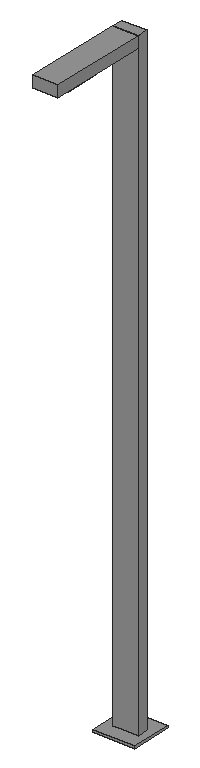
Revit family "BRACOUBEL_60W_3000K_MAT", category Lighting Fixtures, Revit 2021
Family settings
  Round Connector Dimension = Use Diameter
  Part Type = Normal
  OmniClass Number = 23.80.70.00
  OmniClass Title = Lighting
  Work Plane-Based = No
  Always vertical = Yes
  Cut with Voids When Loaded = No
  Light Source = Yes
  Shared = No
  Room Calculation Point = No
Parameters
  Wattage = 9.2903 W
  built-in parameter 1150110 = 1 (stored number, unit not read)
  Type de lampe = "LED"
  Type = "Mât"
  built-in parameter 1114217 = 1 (stored number, unit not read)
  built-in parameter 1150109 = 1 (stored number, unit not read)
  built-in parameter 1150134 = (empty or 0)
  built-in parameter 1150113 = 1 (stored number, unit not read)
  Puissance nominale = "60W"
  Matériau = "Fonte"
  Lumens = 1380 lm
  built-in parameter 1150115 = 1 (stored number, unit not read)
  built-in parameter 1150105 = 109.82 (stored number, unit not read)
  Light Source Symbol Size = 609.6 mm
  built-in parameter 1150137 = (empty or 0)
  built-in parameter 1150139 = (empty or 0)
  built-in parameter 1150112 = 1 (stored number, unit not read)
  built-in parameter 1150114 = 1 (stored number, unit not read)
  built-in parameter 1150132 = 2
  built-in parameter 1150102 = (empty or 0)
  built-in parameter 1150138 = (empty or 0)
  built-in parameter 1150107 = 3000 (stored number, unit not read)
  built-in parameter 1150106 = 1.0982 (stored number, unit not read)
  Fintion = "Gris anthracite (RAL 7016 sa�né)"
  built-in parameter 1150104 = 13.8 (stored number, unit not read)
  Driver = "Driver 24V ref 708222"
  Dimming Lamp Color Temperature Shift = <None>
  Dimensions = "300 x 800 x 4500 mm"
  Diffuseur = "Transparent"
  Default Elevation = 0 mm
  Color Filter = 16777215
  built-in parameter 1114218 = 1 (stored number, unit not read)
  built-in parameter 1150133 = 10 (stored number, unit not read)
  Alimentation Driver = "AC 220-240V"
Reference planes
  plane 1 "Light Source Axis (F/B)": y = 0
  plane 2: z = 0
  plane 3 "Light Source Axis (L/R)": x = 0
  plane 4 "Light Source Elevation": z = 4436.081
Forms (mm)
  Extrusion 1, solid, material "Metal, Paint Finish, White, Matte"
    sketch origin (0, 0, 0) x (1, 0, 0) y (0, 1, 0)
      loop
        line (-90, 40) -> (-90, -40) -> (90, -40) -> (90, 40) -> (-90, 40)
    from 13.739 to 4500
  Extrusion 2, solid, material "Metal, Paint Finish, White, Matte"
    sketch origin (0, 0, 0) x (1, 0, 0) y (0, 1, 0)
      loop
        line (-150, 150) -> (-150, -150) -> (150, -150) -> (150, 150) -> (-150, 150)
    from 0 to 13.739
  Extrusion 3, solid, material "Metal, Paint Finish, White, Matte"
    sketch origin (0, 0, 0) x (0, 1, 0) y (0, 0, 1)
      loop
        line (-40, 4500) -> (-760, 4500) -> (-760, 4420) -> (-40, 4420) -> (-40, 4500)
    from -90 to 90
  Extrusion 4, solid, material "Metal, Paint Finish, White, Matte(1)"
    sketch origin (0, 0, 0) x (0, 1, 0) y (0, 0, 1)
      loop
        line (-405.84, 4420) -> (-649.031, 4420) -> (-649.031, 4406.081) -> (-405.84, 4406.081) -> (-405.84, 4420)
    from -80.623 to 79.765
  Extrusion 5, void
    sketch origin (0, 0, 0) x (0, 1, 0) y (0, 0, 1)
      loop
        line (-420.203, 4431.092) -> (-635.203, 4431.092) -> (-635.203, 4390) -> (-420.203, 4390) -> (-420.203, 4431.092)
    from -72.684 to 71.353
  Extrusion 6, solid, material "Glass, White, High Luminance"
    sketch origin (0, 0, 0) x (0, 1, 0) y (0, 0, 1)
      loop
        line (-420.203, 4412.222) -> (-635.203, 4412.222) -> (-635.203, 4406.081) -> (-420.203, 4406.081) -> (-420.203, 4412.222)
    from -72.684 to 71.353
Cuts and joins
  Extrusion 5 cuts Extrusion 4
  Extrusion 5 cuts Extrusion 3
Lines and regions (mm)
  reference lines
    curve 1: line (0, 0, 0) -> (150, 0, 0)
    curve 2: line (150, 0, 0) -> (150, 150, 0)
    curve 3: line (150, 150, 0) -> (-150, 150, 0)
    curve 4: line (-150, 150, 0) -> (-150, -150, 0)
    curve 5: line (-150, -150, 0) -> (150, -150, 0)
    curve 6: line (150, -150, 0) -> (150, 0, 0)
    curve 7: line (-150, 150, 0) -> (150, 150, 0)
    curve 8: line (-150, -150, 0) -> (-150, 150, 0)
    curve 9: line (150, -150, 0) -> (-150, -150, 0)
    curve 10: line (150, 150, 0) -> (150, -150, 0)
    curve 11: line (0, 0, 0) -> (-90, 0, 0)
    curve 12: line (-90, 0, 0) -> (-90, 40, 0)
    curve 13: line (-90, 40, 0) -> (90, 40, 0)
    curve 14: line (90, 40, 0) -> (90, -40, 0)
    curve 15: line (90, -40, 0) -> (-90, -40, 0)
    curve 16: line (-90, -40, 0) -> (-90, 0, 0)
    curve 17: line (0, 0, 0) -> (0, 0, 4500)
    curve 18: line (0, 40, 4500) -> (0, 40, 4420)
    curve 19: line (0, 40, 4420) -> (0, -760, 4420)
    curve 20: line (0, -760, 4420) -> (0, -760, 4500)
    curve 21: line (0, -760, 4500) -> (0, 40, 4500)
Dimensions and locks
  aligned and locked: plane 3 "Light Source Axis (L/R)" to imposter light
  aligned and locked: plane 4 "Light Source Elevation" to imposter light
  aligned and locked: level to plane 2
